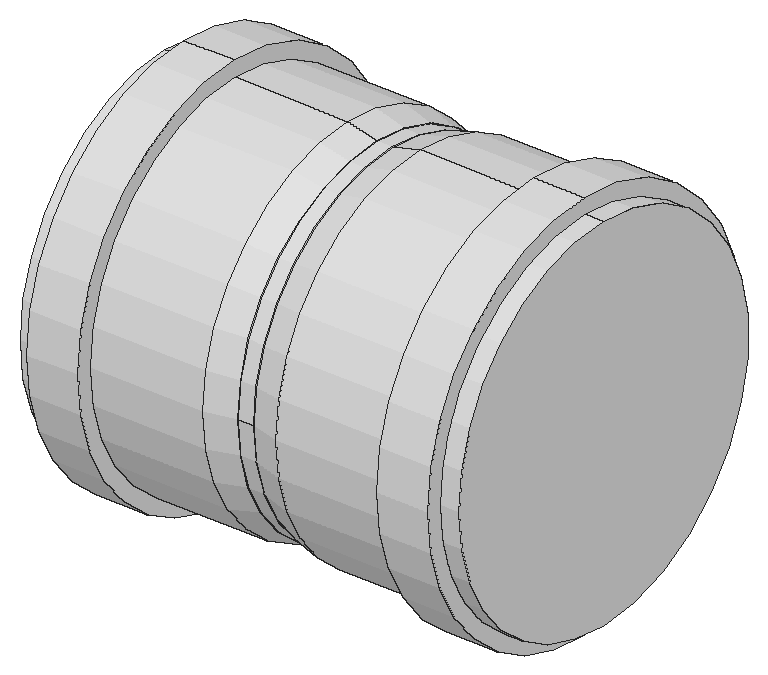
Revit family "EP-Система_Фитинг_НПВХ_Муфта", category Соединительные детали трубопроводов, Revit 2019
Family settings
  Размер круглого соединителя = Использовать диаметр
  Тип детали = Соединение
  Номер OmniClass = 23.60.30.11.14
  Заголовок OmniClass = Pipework Fittings
  На основе рабочей плоскости = Нет
  Всегда вертикально = Да
  При загрузке вырезать с полостями = Нет
  Общий = Нет
Parameters (values of type "EP-Система")
  Типовой = no
  Раструб Подводящий [instance] = no
  Поиск в таблице имен 2 = "EP-Система_Фитинг_НПВХ_Муфта"
  Поиск в таблице имен = "EP-Система_Фитинг_НПВХ_Муфта"
  Таблица коэффициентов K = "Converging/Diverging Tee/Wye"
  Размер засечки1 [instance] = 44 mm
  Размер засечки 2 [instance] = 44 mm
  Наименование [instance] = size_lookup(Поиск в таблице имен, "ADSK_Наименование", "Решение не найдено", ADSK_Диаметр условный, Диаметр условный 1)  # "Муфта, DN110"
  Метод определения потерь = Табличный коэффициент K
  Материал = 05 Пластик ПВХ Белый
  Assembly Code = ""
  Manufacturer = ""
  L2 [instance] = size_lookup(Поиск в таблице имен, "L2", ADSK_Диаметр условный, ADSK_Диаметр условный, Диаметр условный 1)  # 58.5 mm
  L1 [instance] = size_lookup(Поиск в таблице имен, "L1", ADSK_Диаметр условный, ADSK_Диаметр условный, Диаметр условный 1)  # 58.5 mm
  URL = ""
  Z [instance] = size_lookup(Поиск в таблице имен, "Z", ADSK_Диаметр условный, ADSK_Диаметр условный, Диаметр условный 1)  # 5 mm
  Диаметр условный 1 [instance] = ADSK_Диаметр условный  # 110 mm
  ADSK_Наименование краткое = "Соединение"  # constant formula
  ADSK_Наименование [instance] = size_lookup(Поиск в таблице имен, "ADSK_Наименование", "Решение не найдено", ADSK_Диаметр условный, Диаметр условный 1)  # "Муфта, DN110"
  ADSK_Масса_Текст [instance] = ""
  ADSK_Масса [instance] = size_lookup(Поиск в таблице имен, "Mass", 0, ADSK_Диаметр условный, Диаметр условный 1)  # 0
  ADSK_Марка = ""
  ADSK_Код изделия [instance] = size_lookup(Поиск в таблице имен 2, "ADSK_Код изделия", "Решение не найдено", ADSK_Диаметр условный, Диаметр условный 1)  # "ЕР551710032"
  ADSK_Завод-изготовитель = "Agpipe"  # constant formula
  ADSK_Единица измерения = "шт."  # constant formula
  ADSK_Диаметр условный [instance] = 110 mm
Reference planes
  plane 1 "По центру (Вперед/Назад)": y = 0
  plane 2: z = 0
  plane 3 "По центру (Влево/Вправо)": x = 0
  plane 4: x = -50
  plane 5: x = 72
  plane 6: x = 13.5
  plane 7: x = 8.5
  plane 8: z = 0
  plane 9: z = 0
Forms (mm)
  Sweep 1, solid, material "05 Пластик ПВХ Белый" <- "Материал", not visible, detail levels fine
    path in 3D
      loop
        line (-50, 0, 0) -> (8.5, 0, 0)
    profile origin (-20.75, 0, 0) x (0, 0, 1) y (0, -1, 0)
      loop
        circle (0, 0) r 55
  Sweep 2, solid, material "05 Пластик ПВХ Белый" <- "Материал", not visible, detail levels fine
    path in 3D
      loop
        line (13.5, 0, 0) -> (72, 0, 0)
    profile origin (42.75, 0, 0) x (0, 0, 1) y (0, -1, 0)
      loop
        circle (0, 0) r 55
  SweptBlend 3, solid, material "05 Пластик ПВХ Белый" <- "Материал", detail levels fine
    path in 3D
      loop
        line (8.5, 0, 0) -> (13.5, 0, 0)
    profile origin (8.5, 0, 0) x (0, 1, 0) y (0, 0, 1)
      loop
        circle (0, 0) r 55
    end profile origin (13.5, 0, 0) x (0, 1, 0) y (0, 0, 1)
      loop
        circle (0, 0) r 55
Lines and regions (mm)
  reference lines
    curve 1: line (13.5, 0, 0) -> (72, 0, 0)
    curve 2: line (-50, 0, 0) -> (8.5, 0, 0)
    curve 5: line (8.5, 0, 0) -> (13.5, 0, 0)
  sketch lines
    curve 3: line (-50, 0, 0) -> (8.5, 0, 0)
    curve 4: line (13.5, 0, 0) -> (72, 0, 0)
    curve 6: line (8.5, 0, 0) -> (13.5, 0, 0)
Dimensions and locks
  plane 8 to level = 0 mm
  level to SweptBlend 3 sketch curve = 0 mm
  level to plane 9 = 0 mm
  "Z": plane 7 to plane 6
  "L2": plane 6 to plane 5
  "L1": plane 4 to plane 7
  "ADSK_Диаметр условный": diameter of Sweep 1 sketch curve
  "ADSK_Диаметр условный": diameter of SweptBlend 3 sketch curve
  "Диаметр условный 1": diameter of SweptBlend 3 sketch curve
  "Диаметр условный 1": diameter of Sweep 2 sketch curve
  aligned and locked: level to plane 2
  aligned and locked: plane 9 to curve 1
  aligned and locked: plane 4 to curve 2
  aligned and locked: curve 2 to plane 2
  aligned and locked: plane 7 to curve 5
  aligned and locked: plane 6 to curve 5
  aligned and locked: plane 1 "По центру (Вперед/Назад)" to curve 5
  aligned and locked: plane 6 to nested 1
  aligned and locked: nested 2 to plane 7
Automatic sketch dimensions
  curve 2 to plane 7 = 0 mm
  curve 1 to plane 6 = 0 mm
  curve 1 to plane 5 = 0 mm
  profile plane to Sweep 1 sketch curve = 0 mm
  Sweep 1 sketch curve to profile plane = 0 mm
  profile plane to Sweep 2 sketch curve = 0 mm
  Sweep 2 sketch curve to profile plane = 0 mm
  SweptBlend 3 sketch curve to profile plane = 0 mm  (x3)
Nested families
  nested 1: "Фитинг_ПП_Раструб(Влож)" at (13.5, 0, 0), ADSK_Диаметр условный <- "Диаметр условный 1", type "Фитинг_ПП_Раструб(Влож)", detail levels fine
    with Толщина Стенки 2 1.5 mm, Толщина Стенки 1 2.4 mm, Длина 67 mm, Диаметр Наружный Трубного Кольца 124.4 mm, Диаметр Наружный 114.8 mm, Видимость yes, C 22 mm, B 6 mm, ADSK_Диаметр условный 110 mm, A 36 mm
  nested 2: "Фитинг_ПП_Раструб(Влож)" at (8.5, 0, 0) x (-1, 0, 0) z (0, 0, 1), ADSK_Диаметр условный <- "ADSK_Диаметр условный", type "Фитинг_ПП_Раструб(Влож)", detail levels fine
    with Толщина Стенки 2 1.5 mm, Толщина Стенки 1 2.4 mm, Длина 67 mm, Диаметр Наружный Трубного Кольца 124.4 mm, Диаметр Наружный 114.8 mm, Видимость yes, C 22 mm, B 6 mm, ADSK_Диаметр условный 110 mm, A 36 mm
Connectors
  piping at (8.5, 0, 0), diameter 110, driven by "ADSK_Диаметр условный"
    settings: on Sweep 1, index 3, connector inside diameter 609.6 mm, connector length 0 mm, flow factor 0, pipe flow 0.0 L/s, pressure drop 0.0 Pa, fitting loss kfactor 0, connector angle 0.00°, fixture units 0, engagement length 0 mm, angle of deflection 0.00°, flow configuration 0, flow direction 0, fitting loss method 0, system type 28, joint type 0, gender type 0, connector reference index 4, connector utility 0, adjustable connector no, is connector primary yes, connector description ""
  piping at (13.5, 0, 0), diameter 110, driven by "Диаметр условный 1"
    settings: on Sweep 2, index 4, connector inside diameter 609.6 mm, connector length 0 mm, flow factor 0, pipe flow 0.0 L/s, pressure drop 0.0 Pa, fitting loss kfactor 0, connector angle 0.00°, fixture units 0, engagement length 0 mm, angle of deflection 0.00°, flow configuration 0, flow direction 0, fitting loss method 0, system type 28, joint type 0, gender type 0, connector reference index 3, connector utility 0, adjustable connector no, is connector primary no, connector description ""
Definition of nested family "Фитинг_ПП_Раструб(Влож)"
  Parameters (values of type "CISP_Фитинг_ПП_Раструб")
    Толщина Стенки 2 [instance] = size_lookup(Поиск в таблице имен, "e3", 1 mm, ADSK_Диаметр условный)  # 1.5 mm
    Толщина Стенки 1 [instance] = size_lookup(Поиск в таблице имен, "e2", 1 mm, ADSK_Диаметр условный)  # 2.4 mm
    Поиск в таблице имен = "CISP_Фитинг_ПП_Раструб"
    Материал = none
    Длина [instance] = A + C + A / 4  # 67 mm
    Диаметр Наружный Трубного Кольца [instance] = ADSK_Диаметр условный + 2 * Толщина Стенки 1 + 4 * Толщина Стенки 1  # 124.4 mm
    Диаметр Наружный [instance] = ADSK_Диаметр условный + 2 * Толщина Стенки 1  # 114.8 mm
    Видимость [instance] = yes
    C [instance] = size_lookup(Поиск в таблице имен, "C", 1 mm, ADSK_Диаметр условный)  # 22 mm
    B [instance] = size_lookup(Поиск в таблице имен, "B", 1 mm, ADSK_Диаметр условный)  # 6 mm
    ADSK_Диаметр условный [instance] = 110 mm
    A [instance] = size_lookup(Поиск в таблице имен, "A", 1 mm, ADSK_Диаметр условный)  # 36 mm
  Reference planes
    plane 1 "По центру (Вперед/Назад)": y = 0
    plane 2: z = 0
    plane 3 "По центру (Влево/Вправо)": x = 0
    plane 4: x = 67
    plane 5: z = 57.4
    plane 6: z = -57.4
    plane 7: x = 45
    plane 8: x = 61
    plane 9: x = 9
    plane 10: z = 62.2
    plane 11: z = -62.2
    plane 12: z = 55
    plane 13: z = -55
  Forms (mm)
    Sweep 1, solid, material <- "Материал", visible <- "Видимость"
      path origin (0, 0, 0) x (1, 0, 0) y (0, 0, 1)
        loop
          line (9, 0) -> (67, 0)
      profile origin (38, 0, 0) x (0, 0, 1) y (0, -1, 0)
        loop
          circle (0, 0) r 57.4
    SweptBlend 2, solid, material <- "Материал", visible <- "Видимость"
      path origin (0, 0, 0) x (1, 0, 0) y (0, 0, 1)
        loop
          line (0, 0) -> (9, 0)
      profile origin (0, 0, 0) x (0, 0, 1) y (0, -1, 0)
        loop
          circle (0, 0) r 55
      end profile origin (9, 0, 0) x (0, 0, 1) y (0, -1, 0)
        loop
          circle (0, 0) r 57.4
    Sweep 3, solid, material <- "Материал", visible <- "Видимость"
      path origin (0, 0, 0) x (1, 0, 0) y (0, 0, 1)
        loop
          line (45, 0) -> (61, 0)
      profile origin (53, 0, 0) x (0, 0, 1) y (0, -1, 0)
        loop
          circle (0, 0) r 62.2
  Cuts and joins
    joined: Sweep 1, SweptBlend 2, Sweep 3
  Dimensions and locks
    "Длина": plane 4 to plane 3 "По центру (Влево/Вправо)"
    equal spacing: plane 5, level, plane 6
    "Диаметр Наружный": plane 5 to plane 6
    "C": plane 4 to plane 7
    "A": plane 7 to plane 9
    "B": plane 4 to plane 8
    equal spacing: plane 12, level, plane 13
    "ADSK_Диаметр условный": plane 12 to plane 13
    equal spacing: plane 10, level, plane 11
    "Диаметр Наружный Трубного Кольца": plane 10 to plane 11
    "Диаметр Наружный": diameter of Sweep 1 sketch curve
    "ADSK_Диаметр условный": diameter of SweptBlend 2 sketch curve
    "Диаметр Наружный": diameter of SweptBlend 2 sketch curve
    "Диаметр Наружный Трубного Кольца": diameter of Sweep 3 sketch curve
    aligned and locked: level to plane 2
    aligned and locked: plane 9 to Sweep 1 sketch curve
    aligned and locked: Sweep 1 sketch curve to plane 2
    aligned and locked: plane 4 to Sweep 1 sketch curve
    aligned and locked: plane 3 "По центру (Влево/Вправо)" to SweptBlend 2 sketch curve
    aligned and locked: plane 9 to SweptBlend 2 sketch curve
    aligned and locked: SweptBlend 2 sketch curve to level
    aligned and locked: plane 7 to Sweep 3 sketch curve
    aligned and locked: plane 8 to Sweep 3 sketch curve
    aligned and locked: Sweep 3 sketch curve to plane 2
  Automatic sketch dimensions
    Sweep 1 sketch curve to plane 1 "По центру (Вперед/Назад)" = 0 mm
    profile plane to Sweep 1 sketch curve = 0 mm
    SweptBlend 2 sketch curve to plane 1 "По центру (Вперед/Назад)" = 0 mm  (x2)
    profile plane to SweptBlend 2 sketch curve = 0 mm  (x2)
    Sweep 3 sketch curve to plane 1 "По центру (Вперед/Назад)" = 0 mm
    profile plane to Sweep 3 sketch curve = 0 mm
